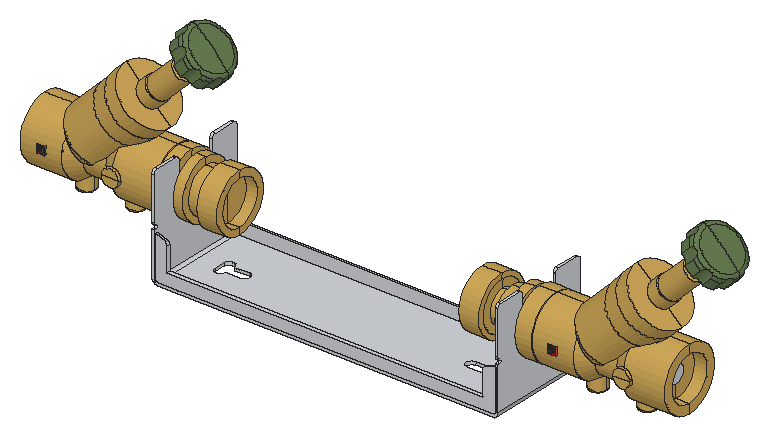
Revit family "Комплект для подключения счетчиков воды 4126", category Rohrzubehör, Revit 2019
Family settings
  Bemaßung runder Anschluss = Durchmesser verwenden
  Teiletyp = Unterbricht
  OmniClass-Nummer = 23.65.55.14
  OmniClass-Titel = Valves for Liquid Services
  Arbeitsebenenbasiert = Nein
  Immer vertikal = Ja
  Beim Laden mit Abzugskörper schneiden = Nein
  Gemeinsam genutzt = Nein
Parameters
  Шпиндель = "штампованная латунь CW 617N"  # constant formula
  Среда = "Питьевая вода"  # constant formula
  Примечание = "В соответствии со статьей 33 Регламента REACH (Registration; Evaluation; Authorisation; Restriction of Chemicals) (EC № 1907/2006) мы обязаны указать, что свинец внесен в список SVHC (Substances of Very High Concern - вещества очень высокой важности) и весовой процент свинца во всех латунных компонентах заводского изготовления в наших изделиях, превышает 0,1 % (w/w) (CAS: 7439-92-1 / EINECS: 231-100-4).\r\nПоскольку свинец является легирующим компонентом сплава, прямое негативное влияние исключается, и поэтому дополнительной информации о безопасном использовании не требуется."
  Область применения = "Для перекрытия трубопроводов системы питьевого водоснабжения и для установки водосчетчика."
  Номер заказа [instance] = size_lookup("4126W_", "Artnr", 0, Nennweite AG)  # 2412666
  Маховик = "пластик, цвет - зеленый"  # constant formula
  Макс. рабочее давление = 1600000.0 Pa  # constant formula
  Макс. рабочая температура = 80 °C  # constant formula
  Корпус = "литая латунь, устойчивая к селективной цинковой коррозии, CC770S"  # constant formula
  Давление открытия обратного клапана = "согласно DIN EN 13959"  # constant formula
  W01 = 20.00°  # constant formula
  URL = "www.herz-armaturen.ru"
  T03 [instance] = R02 - 3.000 mm  # 54.500 mm
  T02 = 17.000 mm  # constant formula
  T01 = 3.000 mm  # constant formula
  SW03 [instance] = size_lookup("4126W_", "SW3", 1.000 mm, Nennweite AG)  # 32.500 mm
  SW02 [instance] = size_lookup("4126W_", "SW2", 1.000 mm, Nennweite AG)  # 32.500 mm
  SW01 [instance] = size_lookup("4126W_", "SW1", 1.000 mm, Nennweite AG)  # 35.000 mm
  SC_NennweiteBerechnet = 0
  SC_Dimension = ""
  SCTWSEQ = "AW;SBT_TYP_AW=\"105\";2"
  SCTWCODE = "02;01;02"  # constant formula
  S05 [instance] = L02 + L12 - L03  # 214.500 mm
  S04 [instance] = L02 + L04 - L03  # 211.500 mm
  S03 = 10.000 mm  # constant formula
  S02 [instance] = Nennweite IG  # 50.000 mm
  S01 [instance] = L01 - L03  # 56.000 mm
  S = 3.000 mm  # constant formula
  R50 = 4.000 mm  # constant formula
  R02 [instance] = size_lookup("4126W_", "R2", 1.000 mm, Nennweite AG)  # 57.500 mm
  R01 [instance] = size_lookup("4126W_", "R1", 1.000 mm, Nennweite AG)  # 24.000 mm
  Nennweite IG [instance] = size_lookup("4126W_", "DN1", 1.000 mm, Nennweite AG)  # 50.000 mm
  Nennweite AG [instance] = 50.000 mm
  Макс. перепад давления на закрытом седле = 1000000.0 Pa  # constant formula
  L99 [instance] = size_lookup("4126W_", "L99", 1.000 mm, Nennweite AG)  # 300.000 mm
  L15 = 2.000 mm  # constant formula
  L14 [instance] = size_lookup("4126W_", "L14", 1.000 mm, Nennweite AG)  # 64.000 mm
  L13 [instance] = size_lookup("4126W_", "L13", 1.000 mm, Nennweite AG)  # 54.500 mm
  L12 [instance] = size_lookup("4126W_", "L12", 1.000 mm, Nennweite AG)  # 39.500 mm
  L11 [instance] = size_lookup("4126W_", "L11", 1.000 mm, Nennweite AG)  # 70.000 mm
  L10 [instance] = size_lookup("4126W_", "L10", 1.000 mm, Nennweite AG)  # 15.000 mm
  L09 [instance] = size_lookup("4126W_", "L9", 1.000 mm, Nennweite AG)  # 25.500 mm
  L08 [instance] = size_lookup("4126W_", "L8", 1.000 mm, Nennweite AG)  # 13.400 mm
  L07 [instance] = size_lookup("4126W_", "L7", 1.000 mm, Nennweite AG)  # 22.000 mm
  L06 [instance] = size_lookup("4126W_", "L6", 1.000 mm, Nennweite AG)  # 25.000 mm
  L05 [instance] = size_lookup("4126W_", "L5", 1.000 mm, Nennweite AG)  # 35.500 mm
  L04 [instance] = size_lookup("4126W_", "L4", 1.000 mm, Nennweite AG)  # 36.500 mm
  L03 [instance] = size_lookup("4126W_", "L3", 1.000 mm, Nennweite AG)  # 21.000 mm
  L02 [instance] = (L00 / 2) + 1.000 mm  # 196.000 mm
  L01 [instance] = size_lookup("4126W_", "L1", 1.000 mm, Nennweite AG)  # 77.000 mm
  L00 [instance] = size_lookup("4126W_", "L", 1.000 mm, Nennweite AG)  # 390.000 mm
  Конус = "штампованная латунь CW 617N"  # constant formula
  Hersteller = "HERZ Armaturen Ges.m.b.H."  # constant formula
  H01 [instance] = 75.000 mm  # constant formula
  H00 [instance] = 115.000 mm  # constant formula
  Незапланированные повышения температуры = "до  95 °C, продолжительностью не более 1 часа"  # constant formula
  G2 [instance] = Nennweite IG / 2  # 25.000 mm
  G1 [instance] = Nennweite AG / 2  # 25.000 mm
  DN50 [instance] = Nennweite AG = 50.000 mm  # yes
  DN40 [instance] = Nennweite AG = 40.000 mm  # no
  DN32 [instance] = Nennweite AG = 32.000 mm  # no
  DN25 [instance] = Nennweite AG = 25.000 mm  # no
  DN20 [instance] = Nennweite AG = 20.000 mm  # no
  D06 [instance] = size_lookup("4126W_", "D6", 1.000 mm, Nennweite AG)  # 21.500 mm
  D05 [instance] = size_lookup("4126W_", "D5", 1.000 mm, Nennweite AG)  # 27.000 mm
  D04 [instance] = size_lookup("4126W_", "D4", 1.000 mm, Nennweite AG)  # 18.200 mm
  D03 [instance] = size_lookup("4126W_", "D3", 1.000 mm, Nennweite AG)  # 25.000 mm
  D02 [instance] = size_lookup("4126W_", "D2", 1.000 mm, Nennweite AG)  # 25.000 mm
  D01 [instance] = size_lookup("4126W_", "D1", 1.000 mm, Nennweite AG)  # 22.500 mm
  Скоба = "оцинкованная листовая сталь"  # constant formula
  ABvor [instance] = size_lookup("4126W_", "ABvor", 1.000 mm, Nennweite AG)  # 346.500 mm
  ABnach [instance] = size_lookup("4126W_", "ABnach", 1.000 mm, Nennweite AG)  # 349.500 mm
Reference planes
  plane 1 "Mitte (Vorne/hinten)": y = 0
  plane 2: z = 0
  plane 3 "Mitte (Links/rechts)": x = 0
Forms (mm)
  Extrusion 1, solid, detail levels fine
    sketch origin (0, 0, 0) x (1, 0, 0) y (0, 0, 1)
      loop
        line (195, 40) -> (192, 40) -> (192, -69)
        arc (192, -69) -> (191.121, -71.121) -> (189, -72) r 3
        line (189, -72) -> (-189, -72)
        arc (-189, -72) -> (-191.121, -71.121) -> (-192, -69) r 3
        line (-192, -69) -> (-192, 40) -> (-195, 40) -> (-195, -69)
        arc (-195, -69) -> (-193.243, -73.243) -> (-189, -75) r 6
        line (-189, -75) -> (189, -75)
        arc (189, -75) -> (193.243, -73.243) -> (195, -69) r 6
        line (195, -69) -> (195, 40)
    from -57.5 to 57.5
  Extrusion 2, solid, detail levels fine
    sketch origin (0, 0, 0) x (1, 0, 0) y (0, 0, 1)
      loop
        line (-192, -23.301) -> (-192, -69)
        arc (-192, -69) -> (-191.121, -71.121) -> (-189, -72) r 3
        line (-189, -72) -> (189, -72)
        arc (189, -72) -> (191.121, -71.121) -> (192, -69) r 3
        line (192, -69) -> (192, -23.301) -> (180.632, -27.439)
        arc (180.632, -27.439) -> (178.723, -28.904) -> (178, -31.198) r 4
        line (178, -31.198) -> (178, -58) -> (-178, -58) -> (-178, -31.198)
        arc (-178, -31.198) -> (-178.723, -28.904) -> (-180.632, -27.439) r 4
        line (-180.632, -27.439) -> (-192, -23.301)
    from -57.5 to -54.5
  Extrusion 3, void
    sketch origin (0, 0, 0) x (0, 1, 0) y (0, 0, 1)
      loop
        arc (-24, 0) -> (0, -24) -> (24, 0) r 24
        line (24, 0) -> (24, 36)
        arc (24, 36) -> (25.172, 38.828) -> (28, 40) r 4
        line (28, 40) -> (53.5, 40)
        arc (53.5, 40) -> (56.328, 38.828) -> (57.5, 36) r 4
        line (57.5, 36) -> (57.5, -13)
        arc (57.5, -13) -> (56.621, -15.121) -> (54.5, -16) r 3
        arc (54.5, -16) -> (52.5, -18) -> (54.5, -20) r 2
        line (54.5, -20) -> (65.5, -20) -> (65.5, 45) -> (-65.5, 45) -> (-65.5, -20) -> (-54.5, -20)
        arc (-54.5, -20) -> (-52.5, -18) -> (-54.5, -16) r 2
        arc (-54.5, -16) -> (-56.621, -15.121) -> (-57.5, -13) r 3
        line (-57.5, -13) -> (-57.5, 36)
        arc (-57.5, 36) -> (-56.328, 38.828) -> (-53.5, 40) r 4
        line (-53.5, 40) -> (-28, 40)
        arc (-28, 40) -> (-25.172, 38.828) -> (-24, 36) r 4
        line (-24, 36) -> (-24, 0)
    from 300 to -300
  Extrusion 4, void
    sketch origin (0, 0, 0) x (1, 0, 0) y (0, 1, 0)
      loop
        arc (119.097, 6.1) -> (112.997, 0) -> (119.097, -6.1) r 6.1
        line (119.097, -6.1) -> (158.897, -6.1)
        arc (158.897, -6.1) -> (164.997, 0) -> (158.897, 6.1) r 6.1
        line (158.897, 6.1) -> (119.097, 6.1)
      loop
        line (-165, 6.1) -> (-165, -6.1)
        arc (-165, -6.1) -> (-158.9, -12.2) -> (-152.8, -6.1) r 6.1
        line (-152.8, -6.1) -> (-136.1, -6.1)
        arc (-136.1, -6.1) -> (-130, 0) -> (-136.1, 6.1) r 6.1
        line (-136.1, 6.1) -> (-152.8, 6.1)
        arc (-152.8, 6.1) -> (-158.9, 12.2) -> (-165, 6.1) r 6.1
    from -75 to -72
  Revolve 5, solid, material "Messing, weicher Gelbton, geschweißt", detail levels fine
    sketch origin (0, 0, 0) x (1, 0, 0) y (0, 0, 1)
      loop
        line (-232.5, 0) -> (-155.5, 0) -> (-155.5, 25) -> (-180.5, 25) -> (-180.5, 32.5) -> (-191, 32.5) -> (-191, 22.5) -> (-196, 22.5) -> (-196, 35) -> (-211.5, 35) -> (-211.5, 25) -> (-232.5, 25) -> (-232.5, 0)
      axis (-232.5, 0) -> (-155.5, 0)
    angle from 0 to 360
  Revolve 6, solid, material "Messing, weicher Gelbton, geschweißt", detail levels fine
    sketch origin (0, 0, 0) x (1, 0, 0) y (0, 0, 1)
      loop
        line (-164.1, 0) -> (-155.5, 0) -> (-155.5, 25) -> (-142.1, 25) -> (-142.1, 32.5) -> (-164.1, 32.5) -> (-164.1, 0)
      axis (-164.1, 0) -> (-142.1, 0)
    angle from 0 to 360
  Revolve 7, solid, material "Messing, weicher Gelbton, geschweißt", detail levels fine
    sketch origin (0, 0, 0) x (-1, 0, 0) y (0, 0, 1)
      loop
        line (-235.5, 0) -> (-198, 0) -> (-198, 18.2) -> (-165.5, 18.2) -> (-165.5, 25) -> (-180.5, 25) -> (-180.5, 32.5) -> (-191, 32.5) -> (-191, 22.5) -> (-196, 22.5) -> (-196, 35) -> (-214.5, 35) -> (-214.5, 25) -> (-235.5, 25) -> (-235.5, 0)
      axis (-235.5, 0) -> (-165.5, 0)
    angle from 0 to 360
  Revolve 8, solid, material "Messing, weicher Gelbton, geschweißt", detail levels fine
    sketch origin (0, 0, 0) x (1, 0, 0) y (0, 0, 1)
      loop
        line (208.5, 0) -> (208.5, 18.2) -> (154, 18.2) -> (154, 27) -> (146.5, 27) -> (146.5, 21.5) -> (144.5, 21.5) -> (144.5, 0) -> (208.5, 0)
      axis (144.5, 0) -> (208.5, 0)
    angle from 0 to 360
  Revolve 9, solid, material "Messing, weicher Gelbton, geschweißt", detail levels fine
    sketch origin (-18.22, 0, 0) x (-1, 0, 0) y (0, 0, 1)
      loop
        line (-171.32, 0) -> (-162.72, 0) -> (-162.72, 25) -> (-149.32, 25) -> (-149.32, 32.5) -> (-171.32, 32.5) -> (-171.32, 0)
      axis (-171.32, 0) -> (-149.32, 0)
    angle from 0 to 360
  Extrusion 10, solid, detail levels fine
    sketch origin (0, 0, 0) x (1, 0, 0) y (0, 0, 1)
      loop
        line (-192, -23.301) -> (-192, -69)
        arc (-192, -69) -> (-191.121, -71.121) -> (-189, -72) r 3
        line (-189, -72) -> (189, -72)
        arc (189, -72) -> (191.121, -71.121) -> (192, -69) r 3
        line (192, -69) -> (192, -23.301) -> (180.632, -27.439)
        arc (180.632, -27.439) -> (178.723, -28.904) -> (178, -31.198) r 4
        line (178, -31.198) -> (178, -58) -> (-178, -58) -> (-178, -31.198)
        arc (-178, -31.198) -> (-178.723, -28.904) -> (-180.632, -27.439) r 4
        line (-180.632, -27.439) -> (-192, -23.301)
    from 54.5 to 57.5
  Extrusion 11, solid, detail levels fine
    sketch origin (55, 0, 0) x (0, 1, 0) y (0, 0, -1)
      loop
        circle (0, 0) r 10
    from 398.5 to 401.5
  Extrusion 12, solid, detail levels fine
    sketch origin (125, 0, 0) x (0, 1, 0) y (0, 0, -1)
      loop
        circle (0, 0) r 10
    from -224.5 to -221.5
Cuts and joins
  Extrusion 3, Extrusion 4 cuts Extrusion 1
Lines and regions (mm)
  model lines, detail levels coarse+medium
    curve 1: line (-211.5, 0, 0) -> (-155.5, 0, 0)
    curve 2: line (-155.5, 0, 25) -> (-155.5, 0, -25)
    curve 3: line (-155.5, 0, 25) -> (-165.5, 0, 25)
    curve 4: line (-165.5, 0, 25) -> (-155.5, 0, 0)
    curve 5: line (-155.5, 0, -25) -> (-165.5, 0, -25)
    curve 6: line (-165.5, 0, -25) -> (-155.5, 0, 0)
    curve 7: line (144.5, 0, 25) -> (144.5, 0, -25)
    curve 8: line (144.5, 0, 25) -> (154.5, 0, 25)
    curve 9: line (154.5, 0, 25) -> (144.5, 0, 0)
    curve 10: line (144.5, 0, -25) -> (154.5, 0, -25)
    curve 11: line (154.5, 0, -25) -> (144.5, 0, 0)
    curve 12: line (214.5, 0, 0) -> (144.5, 0, 0)
    curve 13: line (144.5, -25, 0) -> (144.5, 25, 0)
    curve 14: line (144.5, 25, 0) -> (154.5, 25, 0)
    curve 15: line (154.5, 25, 0) -> (144.5, 0, 0)
    curve 16: line (144.5, -25, 0) -> (154.5, -25, 0)
    curve 17: line (154.5, -25, 0) -> (144.5, 0, 0)
    curve 18: line (-155.5, -25, 0) -> (-155.5, 25, 0)
    curve 19: line (-155.5, 25, 0) -> (-165.5, 25, 0)
    curve 20: line (-165.5, 25, 0) -> (-155.5, 0, 0)
    curve 21: line (-155.5, -25, 0) -> (-165.5, -25, 0)
    curve 22: line (-165.5, -25, 0) -> (-155.5, 0, 0)
Dimensions and locks
  "H00": Extrusion 1 sketch curve to Extrusion 1 sketch curve  (x2)
  "T01": Extrusion 1 sketch curve to Extrusion 1 sketch curve  (x3)
  "L00": Extrusion 1 sketch curve to Extrusion 1 sketch curve
  equal spacing: Extrusion 1 sketch curve, plane 3 "Mitte (Links/rechts)", Extrusion 1 sketch curve
  "H01": plane 2 to Extrusion 1 sketch curve
  "T02": Extrusion 2 sketch curve to Extrusion 1
  "T02": Extrusion 1 to Extrusion 2 sketch curve  (x2)
  Extrusion 4 sketch curve to cut or joined group of Extrusion 1, Extrusion 3, Extrusion 4 = 36.103 mm
  Extrusion 4 sketch curve to Extrusion 4 sketch curve = 39.800 mm
  equal spacing: Extrusion 4 sketch curve, plane 1 "Mitte (Vorne/hinten)", Extrusion 4 sketch curve
  Extrusion 4 sketch curve to Extrusion 4 sketch curve = 12.200 mm
  cut or joined group of Extrusion 1, Extrusion 3, Extrusion 4 to Extrusion 4 sketch curve = 36.100 mm
  cut or joined group of Extrusion 1, Extrusion 3, Extrusion 4 to Extrusion 4 sketch curve = 58.900 mm
  "G1": Revolve 5 sketch curve to Revolve 5 sketch curve
  "L03": Revolve 5 sketch curve to Revolve 5 sketch curve
  "L01": Revolve 5 sketch curve to Revolve 5 sketch curve
  "L02": plane 3 "Mitte (Links/rechts)" to Revolve 5 sketch curve
  "SW01": Revolve 5 sketch curve to Revolve 5 sketch curve
  "SW02": Revolve 5 sketch curve to Revolve 5 sketch curve
  "D01": Revolve 5 sketch curve to Revolve 5 sketch curve
  "L04": Revolve 5 sketch curve to Revolve 5 sketch curve
  "L05": Revolve 5 sketch curve to Revolve 5 sketch curve
  "L06": Revolve 5 sketch curve to Revolve 5 sketch curve
  "D02": Revolve 5 sketch curve to Revolve 5 sketch curve
  "L07": Revolve 6 sketch curve to Revolve 6 sketch curve
  "SW03": Revolve 6 sketch curve to plane 2
  "G2": Revolve 6 sketch curve to plane 2
  "L08": Revolve 6 sketch curve to Revolve 5
  "L08": Revolve 6 sketch curve to Revolve 6 sketch curve
  "G1": Revolve 7 sketch curve to Revolve 7 sketch curve
  "L03": Revolve 7 sketch curve to Revolve 7 sketch curve
  "L11": Revolve 7 sketch curve to Revolve 7 sketch curve
  "SW01": Revolve 7 sketch curve to Revolve 7 sketch curve
  "SW02": Revolve 7 sketch curve to Revolve 7 sketch curve
  "D01": Revolve 7 sketch curve to Revolve 7 sketch curve
  "L12": Revolve 7 sketch curve to Revolve 7 sketch curve
  "L09": Revolve 7 sketch curve to Revolve 7 sketch curve
  "L10": Revolve 7 sketch curve to Revolve 7 sketch curve
  "D03": Revolve 7 sketch curve to Revolve 7 sketch curve
  "L02": plane 3 "Mitte (Links/rechts)" to Revolve 7 sketch curve
  "D04": Revolve 7 sketch curve to plane 2
  "D04": Revolve 8 sketch curve to Revolve 8 sketch curve
  "L13": Revolve 8 sketch curve to Revolve 8 sketch curve
  "L14": Revolve 8 sketch curve to Revolve 8 sketch curve
  "L15": Revolve 8 sketch curve to Revolve 8 sketch curve
  "D05": Revolve 8 sketch curve to Revolve 8 sketch curve
  "D06": Revolve 8 sketch curve to Revolve 8 sketch curve
  "L99": Revolve 5 to Revolve 8
  "L07": Revolve 9 sketch curve to Revolve 9 sketch curve
  "L08": Revolve 9 sketch curve to Revolve 9 sketch curve
  "L08": Revolve 8 to Revolve 9 sketch curve
  "T03": plane 1 "Mitte (Vorne/hinten)" to Extrusion 2
  "R02": cut or joined group of Extrusion 1, Extrusion 3, Extrusion 4 to plane 1 "Mitte (Vorne/hinten)" to cut or joined group of Extrusion 1, Extrusion 3, Extrusion 4
  "R02": plane 1 "Mitte (Vorne/hinten)" to Extrusion 2
  "R02": Extrusion 3 sketch curve to plane 1 "Mitte (Vorne/hinten)" to Extrusion 3 sketch curve
  "R01": Extrusion 3 sketch curve to plane 1 "Mitte (Vorne/hinten)" to Extrusion 3 sketch curve
  "T02": cut or joined group of Extrusion 1, Extrusion 3, Extrusion 4 to Extrusion 10 sketch curve  (x2)
  "T02": Extrusion 10 sketch curve to cut or joined group of Extrusion 1, Extrusion 3, Extrusion 4
  "T03": Extrusion 10 to plane 1 "Mitte (Vorne/hinten)"
  "R02": Extrusion 10 to plane 1 "Mitte (Vorne/hinten)"
  "G2": Revolve 9 sketch curve to plane 2
  "SW03": Revolve 9 sketch curve to level
  "S01": curve 1 to curve 1
  equal spacing: curve 2, plane 2, curve 2
  "S02": curve 2 to curve 2
  "S03": curve 4 to curve 2
  "S04": plane 3 "Mitte (Links/rechts)" to curve 1
  "S03": curve 6 to curve 2
  equal spacing: curve 7, plane 2, curve 7
  "S02": curve 7 to curve 7
  "S03": curve 9 to curve 7
  "S03": curve 11 to curve 7
  "S05": curve 12 to plane 3 "Mitte (Links/rechts)"
  "L99": curve 12 to curve 6
  equal spacing: curve 13, plane 1 "Mitte (Vorne/hinten)", curve 13
  "S02": curve 13 to curve 13
  "S03": curve 13 to curve 15
  "S03": curve 13 to curve 17
  equal spacing: curve 18, plane 1 "Mitte (Vorne/hinten)", curve 18
  "S02": curve 18 to curve 18
  "S03": curve 18 to curve 20
  "S03": curve 18 to curve 22
  "L99": curve 18 to Revolve 9
  "L99": Revolve 6 to curve 13
  "ABnach": Extrusion 12 to plane 3 "Mitte (Links/rechts)"
  "ABvor": plane 3 "Mitte (Links/rechts)" to Extrusion 11
  "S": Extrusion 11 to Extrusion 11
  "S": Extrusion 12 to Extrusion 12
  radius of Extrusion 4 sketch curve = 6.100 mm  (x3)
  "R50": radius of Extrusion 3 sketch curve  (x4)
  "W01": angle Extrusion 2 sketch curve to plane 2
  "W01": angle plane 2 to Extrusion 2 sketch curve
  "W01": angle Extrusion 10 sketch curve to plane 2
  "W01": angle plane 2 to Extrusion 10 sketch curve
  aligned and locked: level to plane 2
Automatic sketch dimensions
  plane 1 "Mitte (Vorne/hinten)" to Extrusion 4 sketch curve = 0.000 mm
  Extrusion 4 sketch curve to Extrusion 4 sketch curve = 0.000 mm  (x2)
  Extrusion 4 sketch curve to Extrusion 4 sketch curve = 6.100 mm
  Revolve 5 sketch curve to level = 0.000 mm  (x2)
  Revolve 5 sketch curve to Revolve 5 sketch curve = 1448.205 mm
  plane 3 "Mitte (Links/rechts)" to Revolve 5 sketch curve = 1739.472 mm
  Revolve 6 sketch curve to level = 0.000 mm  (x2)
  Revolve 6 sketch curve to Revolve 6 sketch curve = 1428.686 mm
  plane 3 "Mitte (Links/rechts)" to Revolve 6 sketch curve = 1839.148 mm
  Revolve 7 sketch curve to level = 0.000 mm  (x2)
  Revolve 7 sketch curve to Revolve 7 sketch curve = 2.000 mm
  Revolve 7 sketch curve to Revolve 7 sketch curve = 1448.205 mm
  plane 3 "Mitte (Links/rechts)" to Revolve 7 sketch curve = 1739.472 mm
  Revolve 9 sketch curve to level = 0.000 mm  (x2)
  Revolve 9 sketch curve to Revolve 9 sketch curve = 1428.686 mm
  plane 3 "Mitte (Links/rechts)" to Revolve 9 sketch curve = 1857.367 mm
  Extrusion 11 sketch curve to level = 0.000 mm
  Extrusion 11 sketch curve to plane 1 "Mitte (Vorne/hinten)" = 0.000 mm
  Extrusion 12 sketch curve to level = 0.000 mm
  Extrusion 12 sketch curve to plane 1 "Mitte (Vorne/hinten)" = 0.000 mm
  curve 12 to level = 0.000 mm
  curve 1 to level = 0.000 mm
  plane 1 "Mitte (Vorne/hinten)" to curve 15 = 0.000 mm
  plane 1 "Mitte (Vorne/hinten)" to curve 17 = 0.000 mm
  plane 1 "Mitte (Vorne/hinten)" to curve 20 = 0.000 mm
  plane 1 "Mitte (Vorne/hinten)" to curve 22 = 0.000 mm
  Extrusion 1 sketch curve to Extrusion 1 sketch curve = 0.000 mm  (x2)
  Extrusion 1 sketch curve to Extrusion 1 sketch curve = 3.000 mm  (x2)
  Extrusion 2 sketch curve to level = 27.439 mm  (x2)
  Extrusion 2 sketch curve to Extrusion 2 sketch curve = 2.632 mm  (x2)
  Extrusion 2 sketch curve to Extrusion 2 sketch curve = 4.000 mm  (x2)
  Extrusion 2 sketch curve to Extrusion 2 sketch curve = 11.000 mm  (x3)
  Extrusion 2 sketch curve to Extrusion 2 sketch curve = 11.368 mm
  Extrusion 2 sketch curve to level = 23.301 mm
  Extrusion 3 sketch curve to level = 0.000 mm
  Extrusion 3 sketch curve to Extrusion 3 sketch curve = 8.000 mm  (x2)
  Extrusion 3 sketch curve to Extrusion 3 sketch curve = 3.000 mm  (x2)
  Extrusion 3 sketch curve to level = 13.000 mm  (x2)
  Extrusion 3 sketch curve to Extrusion 3 sketch curve = 2.000 mm  (x3)
  Extrusion 3 sketch curve to Extrusion 3 sketch curve = 7.000 mm
  level to Extrusion 3 sketch curve = 36.000 mm  (x2)
  Extrusion 3 sketch curve to Extrusion 3 sketch curve = 9.000 mm
  Revolve 8 sketch curve to level = 0.000 mm  (x2)
  plane 3 "Mitte (Links/rechts)" to Revolve 8 sketch curve = 144.500 mm
  Revolve 8 sketch curve to plane 3 "Mitte (Links/rechts)" = 1506.530 mm
  Revolve 8 sketch curve to Revolve 8 sketch curve = 1759.148 mm
  Extrusion 10 sketch curve to level = 27.439 mm  (x2)
  Extrusion 10 sketch curve to Extrusion 10 sketch curve = 2.632 mm  (x2)
  Extrusion 10 sketch curve to Extrusion 10 sketch curve = 1.368 mm
  Extrusion 10 sketch curve to Extrusion 10 sketch curve = 11.000 mm  (x3)
  Extrusion 10 sketch curve to level = 23.301 mm
  Extrusion 10 sketch curve to Extrusion 10 sketch curve = 4.000 mm
  Extrusion 10 sketch curve to Extrusion 10 sketch curve = 11.368 mm
  radius of Extrusion 11 sketch curve = 10.000 mm
  radius of Extrusion 12 sketch curve = 10.000 mm
Nested families
  nested 1: "Rückflussverhinderer 4126" at (-182.5, 0, 0), visible <- "DN20", type "Rückflussverhinderer 4126"
    with S02 95.900 mm, S01 32.000 mm, R12 15.000 mm, R11 5.400 mm, R10 8.500 mm, R09 11.750 mm, R08 13.000 mm, R07 16.500 mm, R06 14.600 mm, R05 10.000 mm, R04 9.500 mm, R02 10.000 mm, R01 16.000 mm, Nennweite 20.000 mm, L16 12.000 mm, L15 12.400 mm, L14 8.000 mm, L12 33.500 mm, L11 12.500 mm, L10 11.000 mm, L09 15.500 mm, L08 30.100 mm, L07 13.500 mm, L06 34.500 mm, L05 26.500 mm, L04 25.500 mm, L02 8.000 mm, L01 24.000 mm, L00 75.000 mm, H01 26.400 mm, DN50 no, DN40 no, DN32 no, DN25-DN50 no, DN25 no, DN20 yes, DN15 no, Bestellnummer 2412602
  nested 2: "Rückflussverhinderer 4126" at (183.5, 0, 0), visible <- "DN20", type "Rückflussverhinderer 4126"
    with S02 95.900 mm, S01 32.000 mm, R12 15.000 mm, R11 5.400 mm, R10 8.500 mm, R09 11.750 mm, R08 13.000 mm, R07 16.500 mm, R06 14.600 mm, R05 10.000 mm, R04 9.500 mm, R02 10.000 mm, R01 16.000 mm, Nennweite 20.000 mm, L16 12.000 mm, L15 12.400 mm, L14 8.000 mm, L12 33.500 mm, L11 12.500 mm, L10 11.000 mm, L09 15.500 mm, L08 30.100 mm, L07 13.500 mm, L06 34.500 mm, L05 26.500 mm, L04 25.500 mm, L02 8.000 mm, L01 24.000 mm, L00 75.000 mm, H01 26.400 mm, DN50 no, DN40 no, DN32 no, DN25-DN50 no, DN25 no, DN20 yes, DN15 no, Bestellnummer 2412602
  nested 3: "Rückflussverhinderer 4126" at (-190, 0, 0), visible <- "DN25", type "Rückflussverhinderer 4126"
    with S02 113.800 mm, S01 41.000 mm, R12 19.500 mm, R11 6.000 mm, R10 9.000 mm, R09 12.750 mm, R08 14.000 mm, R07 20.000 mm, R06 17.750 mm, R05 12.500 mm, R04 9.500 mm, R02 12.500 mm, R01 20.500 mm, Nennweite 25.000 mm, L16 13.500 mm, L15 12.400 mm, L14 12.000 mm, L12 43.400 mm, L11 22.400 mm, L10 11.000 mm, L09 19.500 mm, L08 34.000 mm, L07 18.000 mm, L06 38.500 mm, L05 25.500 mm, L04 25.500 mm, L02 11.000 mm, L01 27.000 mm, L00 90.000 mm, H01 32.000 mm, DN50 no, DN40 no, DN32 no, DN25-DN50 yes, DN25 yes, DN20 no, DN15 no, Bestellnummer 2412603
  nested 4: "Rückflussverhinderer 4126" at (191, 0, 0), visible <- "DN25", type "Rückflussverhinderer 4126"
    with S02 113.800 mm, S01 41.000 mm, R12 19.500 mm, R11 6.000 mm, R10 9.000 mm, R09 12.750 mm, R08 14.000 mm, R07 20.000 mm, R06 17.750 mm, R05 12.500 mm, R04 9.500 mm, R02 12.500 mm, R01 20.500 mm, Nennweite 25.000 mm, L16 13.500 mm, L15 12.400 mm, L14 12.000 mm, L12 43.400 mm, L11 22.400 mm, L10 11.000 mm, L09 19.500 mm, L08 34.000 mm, L07 18.000 mm, L06 38.500 mm, L05 25.500 mm, L04 25.500 mm, L02 11.000 mm, L01 27.000 mm, L00 90.000 mm, H01 32.000 mm, DN50 no, DN40 no, DN32 no, DN25-DN50 yes, DN25 yes, DN20 no, DN15 no, Bestellnummer 2412603
  nested 5: "Rückflussverhinderer 4126" at (-200, 0, 0), visible <- "DN32", type "Rückflussverhinderer 4126"
    with S02 129.700 mm, S01 50.000 mm, R12 24.000 mm, R11 6.000 mm, R10 9.000 mm, R09 12.750 mm, R08 14.000 mm, R07 25.000 mm, R06 24.000 mm, R05 16.000 mm, R04 9.500 mm, R02 16.000 mm, R01 25.000 mm, Nennweite 32.000 mm, L16 16.500 mm, L15 12.400 mm, L14 12.000 mm, L12 47.300 mm, L11 26.300 mm, L10 11.000 mm, L09 10.000 mm, L08 52.700 mm, L07 20.000 mm, L06 60.000 mm, L05 28.600 mm, L04 27.500 mm, L02 7.500 mm, L01 33.000 mm, L00 110.000 mm, H01 39.000 mm, DN50 no, DN40 no, DN32 yes, DN25-DN50 yes, DN25 no, DN20 no, DN15 no, Bestellnummer 2412604
  nested 6: "Rückflussverhinderer 4126" at (201, 0, 0), visible <- "DN32", type "Rückflussverhinderer 4126"
    with S02 129.700 mm, S01 50.000 mm, R12 24.000 mm, R11 6.000 mm, R10 9.000 mm, R09 12.750 mm, R08 14.000 mm, R07 25.000 mm, R06 24.000 mm, R05 16.000 mm, R04 9.500 mm, R02 16.000 mm, R01 25.000 mm, Nennweite 32.000 mm, L16 16.500 mm, L15 12.400 mm, L14 12.000 mm, L12 47.300 mm, L11 26.300 mm, L10 11.000 mm, L09 10.000 mm, L08 52.700 mm, L07 20.000 mm, L06 60.000 mm, L05 28.600 mm, L04 27.500 mm, L02 7.500 mm, L01 33.000 mm, L00 110.000 mm, H01 39.000 mm, DN50 no, DN40 no, DN32 yes, DN25-DN50 yes, DN25 no, DN20 no, DN15 no, Bestellnummer 2412604
  nested 7: "Rückflussverhinderer 4126" at (-274.5, 0, 0), visible <- "DN40", type "Rückflussverhinderer 4126"
    with S02 143.400 mm, S01 55.000 mm, R12 26.500 mm, R11 6.000 mm, R10 9.000 mm, R09 12.750 mm, R08 14.000 mm, R07 28.500 mm, R06 27.000 mm, R05 20.000 mm, R04 9.500 mm, R02 20.000 mm, R01 27.500 mm, Nennweite 40.000 mm, L16 19.000 mm, L15 12.400 mm, L14 14.000 mm, L12 50.000 mm, L11 28.000 mm, L10 12.000 mm, L09 15.000 mm, L08 51.500 mm, L07 21.000 mm, L06 66.000 mm, L05 32.000 mm, L04 31.000 mm, L02 9.000 mm, L01 38.000 mm, L00 120.000 mm, H01 40.000 mm, DN50 no, DN40 yes, DN32 no, DN25-DN50 yes, DN25 no, DN20 no, DN15 no, Bestellnummer 2412605
  nested 8: "Rückflussverhinderer 4126" at (274.5, 0, 0), visible <- "DN40", type "Rückflussverhinderer 4126"
    with S02 143.400 mm, S01 55.000 mm, R12 26.500 mm, R11 6.000 mm, R10 9.000 mm, R09 12.750 mm, R08 14.000 mm, R07 28.500 mm, R06 27.000 mm, R05 20.000 mm, R04 9.500 mm, R02 20.000 mm, R01 27.500 mm, Nennweite 40.000 mm, L16 19.000 mm, L15 12.400 mm, L14 14.000 mm, L12 50.000 mm, L11 28.000 mm, L10 12.000 mm, L09 15.000 mm, L08 51.500 mm, L07 21.000 mm, L06 66.000 mm, L05 32.000 mm, L04 31.000 mm, L02 9.000 mm, L01 38.000 mm, L00 120.000 mm, H01 40.000 mm, DN50 no, DN40 yes, DN32 no, DN25-DN50 yes, DN25 no, DN20 no, DN15 no, Bestellnummer 2412605
  nested 9: "Rückflussverhinderer 4126" at (-286.5, 0, 0), visible <- "DN50", type "Rückflussverhinderer 4126"
    with S02 182.900 mm, S01 70.000 mm, R12 34.000 mm, R11 6.000 mm, R10 9.000 mm, R09 13.000 mm, R08 14.000 mm, R07 35.000 mm, R06 33.500 mm, R05 25.000 mm, R04 9.500 mm, R02 25.000 mm, R01 35.000 mm, Nennweite 50.000 mm, L16 23.500 mm, L15 12.400 mm, L14 19.000 mm, L12 66.500 mm, L11 41.000 mm, L10 15.500 mm, L09 17.500 mm, L08 66.000 mm, L07 31.500 mm, L06 86.500 mm, L05 36.500 mm, L04 37.500 mm, L02 13.000 mm, L01 47.000 mm, L00 150.000 mm, H01 45.000 mm, DN50 yes, DN40 no, DN32 no, DN25-DN50 yes, DN25 no, DN20 no, DN15 no, Bestellnummer 2412606
  nested 10: "Rückflussverhinderer 4126" at (289.5, 0, 0), visible <- "DN50", type "Rückflussverhinderer 4126"
    with S02 182.900 mm, S01 70.000 mm, R12 34.000 mm, R11 6.000 mm, R10 9.000 mm, R09 13.000 mm, R08 14.000 mm, R07 35.000 mm, R06 33.500 mm, R05 25.000 mm, R04 9.500 mm, R02 25.000 mm, R01 35.000 mm, Nennweite 50.000 mm, L16 23.500 mm, L15 12.400 mm, L14 19.000 mm, L12 66.500 mm, L11 41.000 mm, L10 15.500 mm, L09 17.500 mm, L08 66.000 mm, L07 31.500 mm, L06 86.500 mm, L05 36.500 mm, L04 37.500 mm, L02 13.000 mm, L01 47.000 mm, L00 150.000 mm, H01 45.000 mm, DN50 yes, DN40 no, DN32 no, DN25-DN50 yes, DN25 no, DN20 no, DN15 no, Bestellnummer 2412606
Connectors
  piping at (-346.5, 0, 0), diameter 50, driven by "Nennweite AG"
    settings: on Extrusion 11, index 1, connector inside diameter 609.6 mm, connector length 0.000 mm, flow factor 0, pipe flow 0.0 L/s, pressure drop 0.0 Pa, fitting loss kfactor 0, connector angle 0.00°, fixture units 0, engagement length 0.000 mm, angle of deflection 0.00°, flow configuration 0, flow direction 1, fitting loss method 0, system type 20, joint type 0, gender type 0, connector reference index -1, connector utility 0, adjustable connector no, is connector primary yes, connector description ""
  piping at (349.5, 0, 0), diameter 50, driven by "Nennweite AG"
    settings: on Extrusion 12, index 2, connector inside diameter 609.6 mm, connector length 0.000 mm, flow factor 0, pipe flow 0.0 L/s, pressure drop 0.0 Pa, fitting loss kfactor 0, connector angle 0.00°, fixture units 0, engagement length 0.000 mm, angle of deflection 0.00°, flow configuration 0, flow direction 2, fitting loss method 0, system type 20, joint type 0, gender type 0, connector reference index -1, connector utility 0, adjustable connector no, is connector primary no, connector description ""
Definition of nested family "Rückflussverhinderer 4126"
  Parameters (values of type "Rückflussverhinderer 4126")
    W01 = 45.00°  # constant formula
    URL = "www.herz-armaturen.at"
    Spindel = "geschmiedetes Messing CW617N"  # constant formula
    SW01 = 60.00°  # constant formula
    SC_NennweiteBerechnet = 0
    SC_Dimension = ""
    SCTWSEQ = "FW;SBT_TYP_FW=\"109\";2"
    SCTWCODE = "04;00;02"  # constant formula
    S03 = 60.000 mm  # constant formula
    S02 [instance] = L06 + L09 + L12 + L15  # 95.900 mm
    S01 [instance] = R01 * 2  # 32.000 mm
    R12 [instance] = R01 - 1.000 mm  # 15.000 mm
    R11 [instance] = size_lookup("4126_", "R11", 46.500 mm, Nennweite)  # 5.400 mm
    R100 = 1.000 mm  # constant formula
    R10 [instance] = size_lookup("4126_", "R10", 46.500 mm, Nennweite)  # 8.500 mm
    R09 [instance] = size_lookup("4126_", "R9", 46.500 mm, Nennweite)  # 11.750 mm
    R08 [instance] = size_lookup("4126_", "R8", 46.500 mm, Nennweite)  # 13.000 mm
    R07 [instance] = size_lookup("4126_", "R7", 46.500 mm, Nennweite)  # 16.500 mm
    R06 [instance] = size_lookup("4126_", "R6", 43.000 mm, Nennweite)  # 14.600 mm
    R05 [instance] = Nennweite / 2  # 10.000 mm
    R04 [instance] = size_lookup("4126_", "R4", 11.500 mm, Nennweite)  # 9.500 mm
    R03 = 9.500 mm  # constant formula
    R02 [instance] = Nennweite / 2  # 10.000 mm
    R01 [instance] = size_lookup("4126_", "R1", 11.500 mm, Nennweite)  # 16.000 mm
    Nennweite [instance] = 20.000 mm
    Max.Betriebstemperatur = 80 °C  # constant formula
    Max.Betriebsdruck = 1600000.0 Pa  # constant formula
    L16 [instance] = L01 / 2  # 12.000 mm
    L15 [instance] = size_lookup("4126_", "L15", 12.400 mm, Nennweite)  # 12.400 mm
    L14 [instance] = size_lookup("4126_", "L14", 81.000 mm, Nennweite)  # 8.000 mm
    L12 [instance] = size_lookup("4126_", "L12", 81.000 mm, Nennweite)  # 33.500 mm
    L11 [instance] = size_lookup("4126_", "L11", 60.000 mm, Nennweite)  # 12.500 mm
    L10 [instance] = size_lookup("4126_", "L10", 20.000 mm, Nennweite)  # 11.000 mm
    L09 [instance] = size_lookup("4126_", "L9", 11.000 mm, Nennweite)  # 15.500 mm
    L08 [instance] = size_lookup("4126_", "L8", 35.000 mm, Nennweite)  # 30.100 mm
    L07 [instance] = size_lookup("4126_", "L7", 35.000 mm, Nennweite)  # 13.500 mm
    L06 [instance] = size_lookup("4126_", "L6", 118.000 mm, Nennweite) - L09  # 34.500 mm
    L05 [instance] = size_lookup("4126_", "L5", 44.000 mm, Nennweite)  # 26.500 mm
    L04 [instance] = size_lookup("4126_", "L4", 45.000 mm, Nennweite)  # 25.500 mm
    L03 = 15.000 mm  # constant formula
    L02 [instance] = size_lookup("4126_", "L2", 22.000 mm, Nennweite)  # 8.000 mm
    L01 [instance] = size_lookup("4126_", "L1", 48.000 mm, Nennweite)  # 24.000 mm
    L00 [instance] = size_lookup("4126_", "L", 180.000 mm, Nennweite)  # 75.000 mm
    Kegel = "geschmiedetes Messing CW617N"  # constant formula
    Manufacturer = "Herz-Armaturen GmbH"  # constant formula
    Handrad = "Kunststoff, grün"  # constant formula
    H01 [instance] = size_lookup("4126_", "H1", 53.000 mm, Nennweite)  # 26.400 mm
    Gehäuse = "entzinkungsbeständiges Gussmessing CC770S"  # constant formula
    DN50 [instance] = Nennweite = 50.000 mm  # no
    DN40 [instance] = Nennweite = 40.000 mm  # no
    DN32 [instance] = Nennweite = 32.000 mm  # no
    DN25-DN50 [instance] = or(Nennweite = 25.000 mm, Nennweite = 32.000 mm, Nennweite = 40.000 mm, Nennweite = 50.000 mm)  # no
    DN25 [instance] = Nennweite = 25.000 mm  # no
    DN20 [instance] = Nennweite = 20.000 mm  # yes
    DN15 [instance] = Nennweite = 15.000 mm  # no
    Bestellnummer [instance] = size_lookup("4126_", "Artnr", 0, Nennweite)  # 2412602
    Anwendungsgebiet = "Zum Absperren von Trinkwasserleitungen und -anlagen in Gebäuden\r\nMax. Betreibstemp.: 80°C (gelegentlicher Temperaturansteig bis 95°C sind zulässig, wenn sie nicht länger als 1h andauern)\r\nMax. Betiebsdruck: 10bar"
  Reference planes
    plane 1 "Mitte (Vorne/hinten)": y = 0
    plane 2: z = 0
    plane 3 "Mitte (Links/rechts)": x = 0
  Forms (mm)
    Revolve 1, solid, detail levels fine
      sketch origin (470, 0, 0) x (1, 0, 0) y (0, 0, 1)
        loop
          line (-507.5, 10) -> (-492.5, 10) -> (-492.5, 0) -> (-447.5, 0) -> (-447.5, 10) -> (-432.5, 10) -> (-432.5, 16) -> (-456.5, 16) -> (-462, 10) -> (-478, 10) -> (-483.5, 16) -> (-507.5, 16) -> (-507.5, 10)
        axis (-507.5, 0) -> (-432.5, 0)
      angle from 0 to 360
    Revolve 2, solid, detail levels fine
      sketch origin (470, 0, 0) x (1, 0, 0) y (0, 0, 1)
        loop
          line (-493, 0) -> (-493, -25.4)
          arc (-493, -25.4) -> (-492.707, -26.107) -> (-492, -26.4) r 1
          line (-492, -26.4) -> (-483.5, -26.4) -> (-483.5, 0) -> (-493, 0)
        axis (-483.5, 0) -> (-483.5, -26.4)
      angle from 0 to 360
    Revolve 3, solid, detail levels fine
      sketch origin (0, 0, 0) x (1, 0, 0) y (0, 1, 0)
        loop
          line (13.5, -25.5) -> (23, -25.5) -> (23, 26.5) -> (13.5, 26.5) -> (13.5, -25.5)
        axis (13.5, -25.5) -> (13.5, 26.5)
      angle from 0 to 360
    Revolve 4, solid, visible <- "DN25-DN50", detail levels fine
      sketch origin (-470, 0, 0) x (-1, 0, 0) y (0, 0, 1)
        loop
          line (-493, 0) -> (-493, -25.4)
          arc (-493, -25.4) -> (-492.707, -26.107) -> (-492, -26.4) r 1
          line (-492, -26.4) -> (-483.5, -26.4) -> (-483.5, 0) -> (-493, 0)
        axis (-483.5, 0) -> (-483.5, -26.4)
      angle from 0 to 360
    Revolve 5, solid, detail levels fine
      sketch origin (0.32, 0, -0.105) x (1, 0, 0) y (0, 0, 1)
        loop
          line (-13.82, 0) -> (53.991, 67.812) -> (50.173, 71.63) -> (41.405, 62.862) -> (39.213, 65.054) -> (32.142, 57.983) -> (29.844, 60.281) -> (21.005, 51.442) -> (20.121, 52.326) -> (12.343, 44.548) -> (9.868, 47.023) -> (-1.092, 36.062) -> (-2.86, 31.608) -> (-18.487, 15.981) -> (-20.891, 7.071) -> (-13.82, 0)
        axis (-13.82, 0) -> (53.991, 67.812)
      angle from 0 to 360
  Lines and regions (mm)
    model lines, detail levels coarse+medium
      curve 1: line (-37.5, 0, 16) -> (-37.5, 0, -16)
      curve 2: line (-37.5, 0, -16) -> (37.5, 0, 16)
      curve 3: line (37.5, 0, 16) -> (37.5, 0, -16)
      curve 4: line (37.5, 0, -16) -> (-37.5, 0, 16)
      curve 5: line (0, 0, 0) -> (47.95, 0, 83.052)
      curve 6: line (21.969, 0, 98.052) -> (73.931, 0, 68.052)
      curve 7: line (-37.5, -16, 0) -> (-37.5, 16, 0)
      curve 8: line (-37.5, 16, 0) -> (37.5, -16, 0)
      curve 9: line (37.5, -16, 0) -> (37.5, 16, 0)
      curve 10: line (37.5, 16, 0) -> (-37.5, -16, 0)
      curve 11: line (0, 0, 0) -> (47.95, 83.052, 0)
      curve 12: line (21.969, 98.052, 0) -> (73.931, 68.052, 0)
  Dimensions and locks
    "H01": plane 2 to Revolve 2 sketch curve
    "L00": Revolve 1 sketch curve to Revolve 1 sketch curve
    equal spacing: Revolve 1 sketch curve, plane 3 "Mitte (Links/rechts)", Revolve 1 sketch curve
    "R01": Revolve 1 sketch curve to Revolve 1 sketch curve  (x2)
    "R02": Revolve 1 sketch curve to Revolve 1 sketch curve  (x3)
    "L01": Revolve 1 sketch curve to Revolve 1 sketch curve  (x2)
    "L02": plane 3 "Mitte (Links/rechts)" to Revolve 1 sketch curve
    "L02": Revolve 1 sketch curve to plane 3 "Mitte (Links/rechts)"
    "L03": Revolve 1 sketch curve to Revolve 1 sketch curve  (x2)
    "L01": Revolve 1 to Revolve 2 sketch curve
    "R03": Revolve 2 sketch curve to Revolve 2 sketch curve
    "L01": Revolve 4 sketch curve to Revolve 1
    "R03": Revolve 4 sketch curve to Revolve 4 sketch curve
    "H01": plane 2 to Revolve 4 sketch curve
    "L04": Revolve 3 sketch curve to plane 1 "Mitte (Vorne/hinten)"
    "L05": plane 1 "Mitte (Vorne/hinten)" to Revolve 3 sketch curve
    "R04": Revolve 3 sketch curve to Revolve 3 sketch curve
    "L01": Revolve 3 sketch curve to Revolve 1
    "R07": Revolve 5 sketch curve to Revolve 5 sketch curve
    "L07": plane 3 "Mitte (Links/rechts)" to Revolve 5 sketch curve
    "R05": Revolve 5 sketch curve to Revolve 5 sketch curve
    "L06": Revolve 5 sketch curve to Revolve 5 sketch curve
    "L08": Revolve 5 sketch curve to Revolve 5 sketch curve
    "R06": Revolve 5 sketch curve to Revolve 5 sketch curve
    "L14": Revolve 5 sketch curve to Revolve 5 sketch curve
    "L09": Revolve 5 sketch curve to Revolve 5 sketch curve
    "R08": Revolve 5 sketch curve to Revolve 5 sketch curve
    "L10": Revolve 5 sketch curve to Revolve 5 sketch curve
    "R09": Revolve 5 sketch curve to Revolve 5 sketch curve
    "R10": Revolve 5 sketch curve to Revolve 5 sketch curve
    "L12": Revolve 5 sketch curve to Revolve 5 sketch curve
    "R11": Revolve 5 sketch curve to Revolve 5 sketch curve
    "L15": Revolve 5 sketch curve to Revolve 5 sketch curve
    "L11": Revolve 5 sketch curve to Revolve 5 sketch curve
    "R12": nested 7 to plane 1 "Mitte (Vorne/hinten)"
    "L16": Revolve 1 to nested 7
    "L00": curve 1 to curve 3
    "S01": curve 4 to curve 2
    "S01": curve 3 to curve 4
    equal spacing: curve 4, plane 2, curve 2
    equal spacing: curve 3, plane 2, curve 4
    "S02": curve 5 to curve 5
    equal spacing: curve 6, curve 5, curve 6
    "S03": curve 6 to curve 6
    "L00": curve 7 to curve 9
    "S01": curve 10 to curve 8
    curve 9 to curve 10 = 32.000 mm
    equal spacing: curve 12, curve 11, curve 12
    "S03": curve 12 to curve 12
    "S02": curve 11 to curve 11
    equal spacing: curve 10, plane 1 "Mitte (Vorne/hinten)", curve 8
    equal spacing: curve 9, plane 1 "Mitte (Vorne/hinten)", curve 10
    equal spacing: curve 7, plane 3 "Mitte (Links/rechts)", curve 9
    equal spacing: Revolve 1, curve 5, Revolve 1
    equal spacing: curve 7, curve 11, Revolve 1
    equal spacing: curve 1, plane 3 "Mitte (Links/rechts)", curve 3
    "R100": radius of Revolve 2 sketch curve
    "R100": radius of Revolve 4 sketch curve
    "W01": angle plane 2 to Revolve 5 sketch curve
    "W01": angle level to Revolve 5 sketch curve
    "SW01": angle plane 2 to curve 5
    "SW01": angle plane 1 "Mitte (Vorne/hinten)" to curve 11
    aligned and locked: level to plane 2
  Automatic sketch dimensions
    curve 5 to level = 0.000 mm
    plane 1 "Mitte (Vorne/hinten)" to curve 11 = 0.000 mm
    Revolve 1 sketch curve to level = 0.000 mm  (x2)
    Revolve 1 sketch curve to Revolve 1 sketch curve = 791.990 mm
    Revolve 1 sketch curve to Revolve 1 sketch curve = 2278.983 mm
    Revolve 2 sketch curve to level = 0.000 mm  (x2)
    Revolve 2 sketch curve to Revolve 2 sketch curve = 0.000 mm
    Revolve 2 sketch curve to Revolve 2 sketch curve = 0.292 mm
    Revolve 3 sketch curve to Revolve 3 sketch curve = 0.000 mm  (x3)
    Revolve 4 sketch curve to level = 0.000 mm  (x2)
    Revolve 4 sketch curve to Revolve 4 sketch curve = 0.000 mm
    Revolve 4 sketch curve to Revolve 4 sketch curve = 0.292 mm
    Revolve 5 sketch curve to level = 0.105 mm
    Revolve 5 sketch curve to Revolve 5 sketch curve = 0.000 mm  (x2)
  Nested families
    nested 1: "Strömax-Handrad_Schrägsitz (Grün)" at (42.584, 0, 54.979), visible <- "DN15", type "Strömax-Handrad_Schrägsitz (Grün)", detail levels fine
      with Nennweite 0.000 mm, Gewicht 0.00 kg, Bestellnummer 0
    nested 2: "Strömax-Handrad_Schrägsitz (Grün)" at (54.312, 0, 67.707), visible <- "DN20", type "Strömax-Handrad_Schrägsitz (Grün)", detail levels fine
      with Nennweite 0.000 mm, Gewicht 0.00 kg, Bestellnummer 0
    nested 3: "Strömax-Handrad_Schrägsitz (Grün)" at (62.469, 0, 80.364), visible <- "DN25", type "Strömax-Handrad_Schrägsitz (Grün)", detail levels fine
      with Nennweite 0.000 mm, Gewicht 0.00 kg, Bestellnummer 0
    nested 4: "Strömax-Handrad_Schrägsitz (Grün)" at (71.712, 0, 91.607), visible <- "DN32", type "Strömax-Handrad_Schrägsitz (Grün)", detail levels fine
      with Nennweite 0.000 mm, Gewicht 0.00 kg, Bestellnummer 0
    nested 5: "Strömax-Handrad_Schrägsitz (Grün)" at (80.399, 0, 101.294), visible <- "DN40", type "Strömax-Handrad_Schrägsitz (Grün)", detail levels fine
      with Nennweite 0.000 mm, Gewicht 0.00 kg, Bestellnummer 0
    nested 6: "Strömax-Handrad_Schrägsitz (Grün)" at (97.83, 0, 129.225), visible <- "DN50", type "Strömax-Handrad_Schrägsitz (Grün)", detail levels fine
      with Nennweite 0.000 mm, Gewicht 0.00 kg, Bestellnummer 0
    nested 7: "Herz-Logo-vorne" at (-25.5, -15.732, 0) x (0, 1, 0) z (0, 0, 1), type "Herz-Logo-vorne", detail levels fine
  Connectors
    piping at (-22.5, 0, 0), diameter 20, driven by "Nennweite"
      settings: on Revolve 1, index 1, connector inside diameter 609.6 mm, connector length 0.000 mm, flow factor 0, pipe flow 0.0 L/s, pressure drop 0.0 Pa, fitting loss kfactor 0, connector angle 0.00°, fixture units 0, engagement length 0.000 mm, angle of deflection 0.00°, flow configuration 0, flow direction 1, fitting loss method 0, system type 29, joint type 0, gender type 0, connector reference index -1, connector utility 0, adjustable connector no, is connector primary yes, connector description ""
    piping at (22.5, 0, 0), diameter 20, driven by "Nennweite"
      settings: on Revolve 1, index 2, connector inside diameter 609.6 mm, connector length 0.000 mm, flow factor 0, pipe flow 0.0 L/s, pressure drop 0.0 Pa, fitting loss kfactor 0, connector angle 0.00°, fixture units 0, engagement length 0.000 mm, angle of deflection 0.00°, flow configuration 0, flow direction 2, fitting loss method 0, system type 29, joint type 0, gender type 0, connector reference index -1, connector utility 0, adjustable connector no, is connector primary no, connector description ""
  Definition of nested family "Strömax-Handrad_Schrägsitz (Grün)"
    Parameters (values of type "Strömax-Handrad_Schrägsitz (Grün)")
      URL = "www.herz-armaturen.at"
      Nennweite [instance] = 0.000 mm
      Manufacturer = "Herz Armaturen GmbH"  # constant formula
      Gewicht [instance] = 0.00 kg
      Bestellnummer [instance] = 0
    Reference planes
      plane 1 "Mitte (Vorne/hinten)": y = 0
      plane 2: z = 0
      plane 3 "Mitte (Links/rechts)": x = 0
    Forms (mm)
      Revolve 1, solid
        sketch origin (0, 0, 0) x (0.707107, 0, -0.707107) y (0.707107, 0, 0.707107)
          loop
            line (0, 0) -> (0, 22)
            arc (0, 22) -> (-12.15, 21.705) -> (-24.271, 20.819) r 250
            arc (-24.271, 20.819) -> (-26.831, 19.959) -> (-28.754, 18.063) r 6
            arc (-28.754, 18.063) -> (-29.682, 16.008) -> (-30, 13.776) r 8
            line (-30, 13.776) -> (-30, 0) -> (0, 0)
          axis (0, 22) -> (0, 0)
        angle from 0 to 360
      Extrusion 2, void
        sketch origin (0, 0, 0) x (0.707107, 0, -0.707107) y (0, 1, 0)
          loop
            circle (14.351, -34.645) r 10
        from 0 to 22
      Extrusion 3, void
        sketch origin (0, 0, 0) x (-0.707107, 0, 0.707107) y (0, -1, 0)
          loop
            circle (14.351, 34.645) r 10
        from 0 to 22
      Extrusion 4, void
        sketch origin (0, 0, 0) x (0, -1, 0) y (0.707107, 0, -0.707107)
          loop
            circle (14.351, 34.645) r 10
        from 0 to 22
      Extrusion 5, void
        sketch origin (0, 0, 0) x (0, 1, 0) y (-0.707107, 0, 0.707107)
          loop
            circle (14.351, -34.645) r 10
        from 0 to 22
      Extrusion 6, void
        sketch origin (0, 0, 0) x (0, -1, 0) y (0.707107, 0, -0.707107)
          loop
            circle (14.351, -34.645) r 10
        from 0 to 22
      Extrusion 7, void
        sketch origin (0, 0, 0) x (0, 1, 0) y (-0.707107, 0, 0.707107)
          loop
            circle (14.351, 34.645) r 10
        from 0 to 22
      Extrusion 8, void
        sketch origin (0, 0, 0) x (0.707107, 0, -0.707107) y (0, 1, 0)
          loop
            circle (14.351, 34.645) r 10
        from 0 to 22
      Extrusion 9, void
        sketch origin (0, 0, 0) x (-0.707107, 0, 0.707107) y (0, -1, 0)
          loop
            circle (14.351, -34.645) r 10
        from 0 to 22
    Cuts and joins
      Extrusion 2, Extrusion 3, Extrusion 4, Extrusion 5, Extrusion 6, Extrusion 7, Extrusion 8, Extrusion 9 cuts Revolve 1
    Dimensions and locks
      aligned and locked: level to plane 2
  Definition of nested family "Herz-Logo-vorne"
    Reference planes
      plane 1 "Mitte (Vorne/hinten)": y = 0
      plane 2: z = 0
      plane 3 "Mitte (Links/rechts)": x = 0
    Forms (mm)
      Extrusion 1, solid
        sketch origin (0.732, -0.018, 0.017) x (0, -1, 0) y (0, 0, 1)
          loop
            line (-0.018, -4.517) -> (4.482, -4.517) -> (4.482, 4.483) -> (-4.518, 4.483) -> (-4.518, -4.517) -> (-0.018, -4.517)
          loop
            line (-0.05, -3.48) -> (3.482, -3.48) -> (3.482, 3.483) -> (-3.518, 3.483) -> (-3.518, -3.48) -> (-0.05, -3.48)
          loop
            arc (-0.018, 2.383) -> (-1.543, 3.287) -> (-3.067, 2.383) r 1.738
            arc (-3.067, 2.383) -> (-3.191, 1.899) -> (-3.067, 1.415) r 1.009
            line (-3.067, 1.415) -> (-0.018, -3.281) -> (3.032, 1.415)
            arc (3.032, 1.415) -> (3.156, 1.899) -> (3.032, 2.383) r 1.009
            arc (3.032, 2.383) -> (1.507, 3.287) -> (-0.018, 2.383) r 1.738
          loop
            arc (1.885, 1.272) -> (2.005, 1.675) -> (1.885, 2.079) r 0.74
            arc (1.885, 2.079) -> (1.265, 2.416) -> (0.644, 2.079) r 0.74
            line (0.644, 2.079) -> (-0.018, 0.97) -> (-0.679, 2.079)
            arc (-0.679, 2.079) -> (-1.3, 2.416) -> (-1.921, 2.079) r 0.74
            arc (-1.921, 2.079) -> (-2.04, 1.675) -> (-1.921, 1.272) r 0.74
            line (-1.921, 1.272) -> (-0.018, -1.658) -> (1.885, 1.272)
        from 0 to 1.5
    Dimensions and locks
      aligned and locked: level to plane 2
